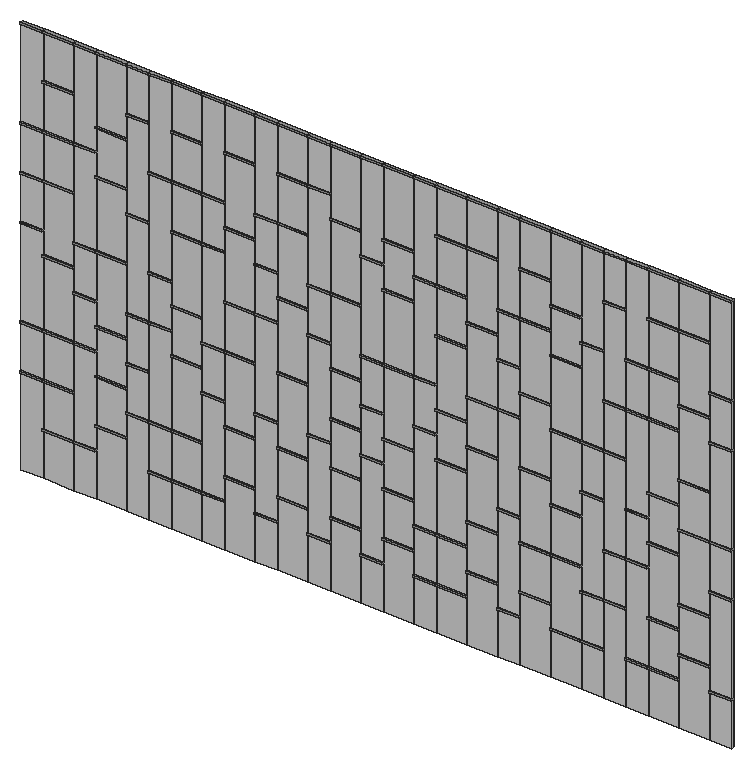
Revit family "SUR-FLD-023_GRUPPO_RFA", category Modelos genéricos, Revit 2022 (continued)
Forms (in)
  Extrusion 231, solid
    sketch origin (48.75051, -0.23622, -36.00023) x (1, 0, 0) y (0, 1, 0)
      loop
        line (6, 0) -> (6, -0.23622) -> (14.25008, -0.23622) -> (14.25008, 0) -> (6, 0)
    from 36.00017 to 53.52769
  Extrusion 232, solid
    sketch origin (48.75051, 0, -36.00023) x (1, 0, 0) y (0, 1, 0)
      loop
        line (6, 0) -> (6, -0.23622) -> (14.25008, -0.23622) -> (14.25008, 0) -> (6, 0)
    from 36.00017 to 53.52769
  Extrusion 233, solid
    sketch origin (48.75051, -0.23622, 6.47156) x (1, 0, 0) y (0, 1, 0)
      loop
        line (6, 0.23622) -> (6, -0.76378) -> (14.25008, -0.76378) -> (14.25008, 0.23622) -> (6, 0.23622)
    from 41.05559 to 41.52812
  Extrusion 234, solid
    sketch origin (48.75051, -0.47244, -0.00055) x (1, 0, 0) y (0, 1, 0)
      loop
        line (6, 0) -> (6, -0.11811) -> (14.25008, -0.11811) -> (14.25008, 0) -> (6, 0)
    from 30.00019 to 47.5277
  Extrusion 235, solid
    sketch origin (48.75051, -0.23622, -6.00053) x (1, 0, 0) y (0, 1, 0)
      loop
        line (6, 0) -> (6, -0.23622) -> (14.25008, -0.23622) -> (14.25008, 0) -> (6, 0)
    from 36.00017 to 53.52769
  Extrusion 236, solid
    sketch origin (48.75051, 0, -6.00053) x (1, 0, 0) y (0, 1, 0)
      loop
        line (6, 0) -> (6, -0.23622) -> (14.25008, -0.23622) -> (14.25008, 0) -> (6, 0)
    from 36.00017 to 53.52769
  Extrusion 237, solid
    sketch origin (48.75051, -0.23622, 36.47126) x (1, 0, 0) y (0, 1, 0)
      loop
        line (6, 0.23622) -> (6, -0.76378) -> (14.25008, -0.76378) -> (14.25008, 0.23622) -> (6, 0.23622)
    from 41.05559 to 41.52812
  Extrusion 238, solid
    sketch origin (48.75051, -0.47244, 29.99915) x (1, 0, 0) y (0, 1, 0)
      loop
        line (6, 0) -> (6, -0.11811) -> (14.25008, -0.11811) -> (14.25008, 0) -> (6, 0)
    from 30.00019 to 47.5277
  Extrusion 239, solid
    sketch origin (48.75051, -0.23622, 23.99916) x (1, 0, 0) y (0, 1, 0)
      loop
        line (6, 0) -> (6, -0.23622) -> (14.25008, -0.23622) -> (14.25008, 0) -> (6, 0)
    from 36.00017 to 53.52769
  Extrusion 240, solid
    sketch origin (48.75051, 0, 23.99916) x (1, 0, 0) y (0, 1, 0)
      loop
        line (6, 0) -> (6, -0.23622) -> (14.25008, -0.23622) -> (14.25008, 0) -> (6, 0)
    from 36.00017 to 53.52769
  Extrusion 241, solid
    sketch origin (48.75051, -0.23622, 54.4713) x (1, 0, 0) y (0, 1, 0)
      loop
        line (6, 0.23622) -> (6, -0.76378) -> (14.25008, -0.76378) -> (14.25008, 0.23622) -> (6, 0.23622)
    from 41.05559 to 41.52812
  Extrusion 242, solid
    sketch origin (48.75051, -0.47244, 47.99919) x (1, 0, 0) y (0, 1, 0)
      loop
        line (6, 0) -> (6, -0.11811) -> (14.25008, -0.11811) -> (14.25008, 0) -> (6, 0)
    from 30.00019 to 47.5277
  Extrusion 243, solid
    sketch origin (48.75051, -0.23622, 41.99921) x (1, 0, 0) y (0, 1, 0)
      loop
        line (6, 0) -> (6, -0.23622) -> (14.25008, -0.23622) -> (14.25008, 0) -> (6, 0)
    from 36.00017 to 53.52769
  Extrusion 244, solid
    sketch origin (48.75051, 0, 41.99921) x (1, 0, 0) y (0, 1, 0)
      loop
        line (6, 0) -> (6, -0.23622) -> (14.25008, -0.23622) -> (14.25008, 0) -> (6, 0)
    from 36.00017 to 53.52769
  Extrusion 245, solid
    sketch origin (48.75051, -0.47244, -0.00043) x (1, 0, 0) y (0, 1, 0)
      loop
        line (6, 0) -> (6, -0.11811) -> (14.25008, -0.11811) -> (14.25008, 0) -> (6, 0)
    from 18.00042 to 29.52798
  Extrusion 246, solid
    sketch origin (48.75051, -0.23622, -6.00041) x (1, 0, 0) y (0, 1, 0)
      loop
        line (6, 0) -> (6, -0.23622) -> (14.25008, -0.23622) -> (14.25008, 0) -> (6, 0)
    from 24.0004 to 35.52797
  Extrusion 247, solid
    sketch origin (48.75051, 0, -6.00041) x (1, 0, 0) y (0, 1, 0)
      loop
        line (6, 0) -> (6, -0.23622) -> (14.25008, -0.23622) -> (14.25008, 0) -> (6, 0)
    from 24.0004 to 35.52797
  Extrusion 248, solid
    sketch origin (48.75051, -0.23622, 6.47168) x (1, 0, 0) y (0, 1, 0)
      loop
        line (6, 0.23622) -> (6, -0.76378) -> (14.25008, -0.76378) -> (14.25008, 0.23622) -> (6, 0.23622)
    from 23.05588 to 23.52796
  Extrusion 249, solid
    sketch origin (48.75051, -0.47244, 29.99926) x (1, 0, 0) y (0, 1, 0)
      loop
        line (6, 0) -> (6, -0.11811) -> (14.25008, -0.11811) -> (14.25008, 0) -> (6, 0)
    from 18.00042 to 29.52798
  Extrusion 250, solid
    sketch origin (48.75051, -0.23622, 23.99928) x (1, 0, 0) y (0, 1, 0)
      loop
        line (6, 0) -> (6, -0.23622) -> (14.25008, -0.23622) -> (14.25008, 0) -> (6, 0)
    from 24.0004 to 35.52797
  Extrusion 251, solid
    sketch origin (48.75051, 0, 23.99928) x (1, 0, 0) y (0, 1, 0)
      loop
        line (6, 0) -> (6, -0.23622) -> (14.25008, -0.23622) -> (14.25008, 0) -> (6, 0)
    from 24.0004 to 35.52797
  Extrusion 252, solid
    sketch origin (48.75051, -0.23622, 36.47138) x (1, 0, 0) y (0, 1, 0)
      loop
        line (6, 0.23622) -> (6, -0.76378) -> (14.25008, -0.76378) -> (14.25008, 0.23622) -> (6, 0.23622)
    from 23.05588 to 23.52796
  Extrusion 253, solid
    sketch origin (48.75051, -0.47244, 77.99901) x (1, 0, 0) y (0, 1, 0)
      loop
        line (6, 0) -> (6, -0.11811) -> (14.25008, -0.11811) -> (14.25008, 0) -> (6, 0)
    from 18.00042 to 29.52798
  Extrusion 254, solid
    sketch origin (48.75051, -0.23622, 71.99903) x (1, 0, 0) y (0, 1, 0)
      loop
        line (6, 0) -> (6, -0.23622) -> (14.25008, -0.23622) -> (14.25008, 0) -> (6, 0)
    from 24.0004 to 35.52797
  Extrusion 255, solid
    sketch origin (48.75051, 0, 71.99903) x (1, 0, 0) y (0, 1, 0)
      loop
        line (6, 0) -> (6, -0.23622) -> (14.25008, -0.23622) -> (14.25008, 0) -> (6, 0)
    from 24.0004 to 35.52797
  Extrusion 256, solid
    sketch origin (48.75051, -0.23622, 84.47112) x (1, 0, 0) y (0, 1, 0)
      loop
        line (6, 0.23622) -> (6, -0.76378) -> (14.25008, -0.76378) -> (14.25008, 0.23622) -> (6, 0.23622)
    from 23.05588 to 23.52796
  Extrusion 257, solid
    sketch origin (63.00058, 0, -24.0004) x (1, 0, 0) y (0, 1, 0)
      loop
        line (0, 0) -> (0, -0.23622) -> (6.00006, -0.23622) -> (6.00006, 0) -> (0, 0)
    from 24.0004 to 35.52797
  Extrusion 258, solid
    sketch origin (63.00058, -0.23622, -24.0004) x (1, 0, 0) y (0, 1, 0)
      loop
        line (0, 0) -> (0, -0.23622) -> (6.00006, -0.23622) -> (6.00006, 0) -> (0, 0)
    from 24.0004 to 35.52797
  Extrusion 259, solid
    sketch origin (63.00058, -0.23622, -11.5283) x (1, 0, 0) y (0, 1, 0)
      loop
        line (0, 0.23622) -> (0, -0.76378) -> (6.00006, -0.76378) -> (6.00006, 0.23622) -> (0, 0.23622)
    from 23.05588 to 23.52796
  Extrusion 260, solid
    sketch origin (63.00058, -0.47244, -18.00042) x (1, 0, 0) y (0, 1, 0)
      loop
        line (0, 0) -> (0, -0.11811) -> (6.00006, -0.11811) -> (6.00006, 0) -> (0, 0)
    from 18.00042 to 29.52798
  Extrusion 261, solid
    sketch origin (63.00058, 0, 11.99965) x (1, 0, 0) y (0, 1, 0)
      loop
        line (0, 0) -> (0, -0.23622) -> (6.00006, -0.23622) -> (6.00006, 0) -> (0, 0)
    from 0 to 23.52796
  Extrusion 262, solid
    sketch origin (63.00058, -0.23622, 11.99965) x (1, 0, 0) y (0, 1, 0)
      loop
        line (0, 0) -> (0, -0.23622) -> (6.00006, -0.23622) -> (6.00006, 0) -> (0, 0)
    from 0 to 23.52796
  Extrusion 263, solid
    sketch origin (63.00058, -0.47244, 11.99965) x (1, 0, 0) y (0, 1, 0)
      loop
        line (0, 0) -> (0, -0.11811) -> (6.00006, -0.11811) -> (6.00006, 0) -> (0, 0)
    from 0 to 23.52796
  Extrusion 264, solid
    sketch origin (63.00058, -0.23622, 12.47174) x (1, 0, 0) y (0, 1, 0)
      loop
        line (0, 0.23622) -> (0, -0.76378) -> (6.00006, -0.76378) -> (6.00006, 0.23622) -> (0, 0.23622)
    from 23.05588 to 23.52796
  Extrusion 265, solid
    sketch origin (63.00058, 0, 35.99969) x (1, 0, 0) y (0, 1, 0)
      loop
        line (0, 0) -> (0, -0.23622) -> (6.00006, -0.23622) -> (6.00006, 0) -> (0, 0)
    from 0 to 23.52796
  Extrusion 266, solid
    sketch origin (63.00058, -0.23622, 35.99969) x (1, 0, 0) y (0, 1, 0)
      loop
        line (0, 0) -> (0, -0.23622) -> (6.00006, -0.23622) -> (6.00006, 0) -> (0, 0)
    from 0 to 23.52796
  Extrusion 267, solid
    sketch origin (63.00058, -0.47244, 35.99969) x (1, 0, 0) y (0, 1, 0)
      loop
        line (0, 0) -> (0, -0.11811) -> (6.00006, -0.11811) -> (6.00006, 0) -> (0, 0)
    from 0 to 23.52796
  Extrusion 268, solid
    sketch origin (63.00058, -0.23622, 36.47177) x (1, 0, 0) y (0, 1, 0)
      loop
        line (0, 0.23622) -> (0, -0.76378) -> (6.00006, -0.76378) -> (6.00006, 0.23622) -> (0, 0.23622)
    from 23.05588 to 23.52796
  Extrusion 269, solid
    sketch origin (63.00058, 0, 83.99904) x (1, 0, 0) y (0, 1, 0)
      loop
        line (0, 0) -> (0, -0.23622) -> (6.00006, -0.23622) -> (6.00006, 0) -> (0, 0)
    from 0 to 23.52796
  Extrusion 270, solid
    sketch origin (63.00058, -0.23622, 83.99904) x (1, 0, 0) y (0, 1, 0)
      loop
        line (0, 0) -> (0, -0.23622) -> (6.00006, -0.23622) -> (6.00006, 0) -> (0, 0)
    from 0 to 23.52796
  Extrusion 271, solid
    sketch origin (63.00058, -0.47244, 83.99904) x (1, 0, 0) y (0, 1, 0)
      loop
        line (0, 0) -> (0, -0.11811) -> (6.00006, -0.11811) -> (6.00006, 0) -> (0, 0)
    from 0 to 23.52796
  Extrusion 272, solid
    sketch origin (63.00058, -0.23622, 84.47112) x (1, 0, 0) y (0, 1, 0)
      loop
        line (0, 0.23622) -> (0, -0.76378) -> (6.00006, -0.76378) -> (6.00006, 0.23622) -> (0, 0.23622)
    from 23.05588 to 23.52796
  Extrusion 273, solid
    sketch origin (63.00058, 0, 47.99899) x (1, 0, 0) y (0, 1, 0)
      loop
        line (0, 0) -> (0, -0.23622) -> (6.00006, -0.23622) -> (6.00006, 0) -> (0, 0)
    from 24.0004 to 35.52797
  Extrusion 274, solid
    sketch origin (63.00058, -0.23622, 47.99899) x (1, 0, 0) y (0, 1, 0)
      loop
        line (0, 0) -> (0, -0.23622) -> (6.00006, -0.23622) -> (6.00006, 0) -> (0, 0)
    from 24.0004 to 35.52797
  Extrusion 275, solid
    sketch origin (63.00058, -0.23622, 60.47108) x (1, 0, 0) y (0, 1, 0)
      loop
        line (0, 0.23622) -> (0, -0.76378) -> (6.00006, -0.76378) -> (6.00006, 0.23622) -> (0, 0.23622)
    from 23.05588 to 23.52796
  Extrusion 276, solid
    sketch origin (63.00058, -0.47244, 53.99897) x (1, 0, 0) y (0, 1, 0)
      loop
        line (0, 0) -> (0, -0.11811) -> (6.00006, -0.11811) -> (6.00006, 0) -> (0, 0)
    from 18.00042 to 29.52798
  Extrusion 277, solid
    sketch origin (63.00058, 0, 35.99933) x (1, 0, 0) y (0, 1, 0)
      loop
        line (0, 0) -> (0, -0.23622) -> (6.00006, -0.23622) -> (6.00006, 0) -> (0, 0)
    from 24.0004 to 35.52797
  Extrusion 278, solid
    sketch origin (63.00058, -0.23622, 35.99933) x (1, 0, 0) y (0, 1, 0)
      loop
        line (0, 0) -> (0, -0.23622) -> (6.00006, -0.23622) -> (6.00006, 0) -> (0, 0)
    from 24.0004 to 35.52797
  Extrusion 279, solid
    sketch origin (63.00058, -0.23622, 48.47143) x (1, 0, 0) y (0, 1, 0)
      loop
        line (0, 0.23622) -> (0, -0.76378) -> (6.00006, -0.76378) -> (6.00006, 0.23622) -> (0, 0.23622)
    from 23.05588 to 23.52796
  Extrusion 280, solid
    sketch origin (63.00058, -0.47244, 41.99931) x (1, 0, 0) y (0, 1, 0)
      loop
        line (0, 0) -> (0, -0.11811) -> (6.00006, -0.11811) -> (6.00006, 0) -> (0, 0)
    from 18.00042 to 29.52798
  Extrusion 281, solid
    sketch origin (63.00064, -0.23622, -23.52814) x (1, 0, 0) y (0, 1, 0)
      loop
        line (6, 0.23622) -> (6, -0.76378) -> (14.25008, -0.76378) -> (14.25008, 0.23622) -> (6, 0.23622)
    from 41.05559 to 41.52812
  Extrusion 282, solid
    sketch origin (63.00064, -0.47244, -30.00025) x (1, 0, 0) y (0, 1, 0)
      loop
        line (6, 0) -> (6, -0.11811) -> (14.25008, -0.11811) -> (14.25008, 0) -> (6, 0)
    from 30.00019 to 47.5277
  Extrusion 283, solid
    sketch origin (63.00064, -0.23622, -36.00023) x (1, 0, 0) y (0, 1, 0)
      loop
        line (6, 0) -> (6, -0.23622) -> (14.25008, -0.23622) -> (14.25008, 0) -> (6, 0)
    from 36.00017 to 53.52769
  Extrusion 284, solid
    sketch origin (63.00064, 0, -36.00023) x (1, 0, 0) y (0, 1, 0)
      loop
        line (6, 0) -> (6, -0.23622) -> (14.25008, -0.23622) -> (14.25008, 0) -> (6, 0)
    from 36.00017 to 53.52769
  Extrusion 285, solid
    sketch origin (63.00064, -0.23622, 6.47156) x (1, 0, 0) y (0, 1, 0)
      loop
        line (6, 0.23622) -> (6, -0.76378) -> (14.25008, -0.76378) -> (14.25008, 0.23622) -> (6, 0.23622)
    from 41.05559 to 41.52812
  Extrusion 286, solid
    sketch origin (63.00064, -0.47244, -0.00055) x (1, 0, 0) y (0, 1, 0)
      loop
        line (6, 0) -> (6, -0.11811) -> (14.25008, -0.11811) -> (14.25008, 0) -> (6, 0)
    from 30.00019 to 47.5277
  Extrusion 287, solid
    sketch origin (63.00064, -0.23622, -6.00053) x (1, 0, 0) y (0, 1, 0)
      loop
        line (6, 0) -> (6, -0.23622) -> (14.25008, -0.23622) -> (14.25008, 0) -> (6, 0)
    from 36.00017 to 53.52769
  Extrusion 288, solid
    sketch origin (63.00064, 0, -6.00053) x (1, 0, 0) y (0, 1, 0)
      loop
        line (6, 0) -> (6, -0.23622) -> (14.25008, -0.23622) -> (14.25008, 0) -> (6, 0)
    from 36.00017 to 53.52769
  Extrusion 289, solid
    sketch origin (63.00064, -0.23622, 24.47161) x (1, 0, 0) y (0, 1, 0)
      loop
        line (6, 0.23622) -> (6, -0.76378) -> (14.25008, -0.76378) -> (14.25008, 0.23622) -> (6, 0.23622)
    from 41.05559 to 41.52812
  Extrusion 290, solid
    sketch origin (63.00064, -0.47244, 17.99949) x (1, 0, 0) y (0, 1, 0)
      loop
        line (6, 0) -> (6, -0.11811) -> (14.25008, -0.11811) -> (14.25008, 0) -> (6, 0)
    from 30.00019 to 47.5277
  Extrusion 291, solid
    sketch origin (63.00064, -0.23622, 11.99951) x (1, 0, 0) y (0, 1, 0)
      loop
        line (6, 0) -> (6, -0.23622) -> (14.25008, -0.23622) -> (14.25008, 0) -> (6, 0)
    from 36.00017 to 53.52769
  Extrusion 292, solid
    sketch origin (63.00064, 0, 11.99951) x (1, 0, 0) y (0, 1, 0)
      loop
        line (6, 0) -> (6, -0.23622) -> (14.25008, -0.23622) -> (14.25008, 0) -> (6, 0)
    from 36.00017 to 53.52769
  Extrusion 293, solid
    sketch origin (63.00064, -0.23622, 42.47165) x (1, 0, 0) y (0, 1, 0)
      loop
        line (6, 0.23622) -> (6, -0.76378) -> (14.25008, -0.76378) -> (14.25008, 0.23622) -> (6, 0.23622)
    from 41.05559 to 41.52812
  Extrusion 294, solid
    sketch origin (63.00064, -0.47244, 35.99953) x (1, 0, 0) y (0, 1, 0)
      loop
        line (6, 0) -> (6, -0.11811) -> (14.25008, -0.11811) -> (14.25008, 0) -> (6, 0)
    from 30.00019 to 47.5277
  Extrusion 295, solid
    sketch origin (63.00064, -0.23622, 29.99955) x (1, 0, 0) y (0, 1, 0)
      loop
        line (6, 0) -> (6, -0.23622) -> (14.25008, -0.23622) -> (14.25008, 0) -> (6, 0)
    from 36.00017 to 53.52769
  Extrusion 296, solid
    sketch origin (63.00064, 0, 29.99955) x (1, 0, 0) y (0, 1, 0)
      loop
        line (6, 0) -> (6, -0.23622) -> (14.25008, -0.23622) -> (14.25008, 0) -> (6, 0)
    from 36.00017 to 53.52769
  Extrusion 297, solid
    sketch origin (63.00064, -0.47244, -0.00043) x (1, 0, 0) y (0, 1, 0)
      loop
        line (6, 0) -> (6, -0.11811) -> (14.25008, -0.11811) -> (14.25008, 0) -> (6, 0)
    from 18.00042 to 29.52798
  Extrusion 298, solid
    sketch origin (63.00064, -0.23622, -6.00041) x (1, 0, 0) y (0, 1, 0)
      loop
        line (6, 0) -> (6, -0.23622) -> (14.25008, -0.23622) -> (14.25008, 0) -> (6, 0)
    from 24.0004 to 35.52797
  Extrusion 299, solid
    sketch origin (63.00064, 0, -6.00041) x (1, 0, 0) y (0, 1, 0)
      loop
        line (6, 0) -> (6, -0.23622) -> (14.25008, -0.23622) -> (14.25008, 0) -> (6, 0)
    from 24.0004 to 35.52797
  Extrusion 300, solid
    sketch origin (63.00064, -0.23622, 6.47168) x (1, 0, 0) y (0, 1, 0)
      loop
        line (6, 0.23622) -> (6, -0.76378) -> (14.25008, -0.76378) -> (14.25008, 0.23622) -> (6, 0.23622)
    from 23.05588 to 23.52796
  Extrusion 301, solid
    sketch origin (63.00064, -0.47244, 65.99935) x (1, 0, 0) y (0, 1, 0)
      loop
        line (6, 0) -> (6, -0.11811) -> (14.25008, -0.11811) -> (14.25008, 0) -> (6, 0)
    from 18.00042 to 29.52798
  Extrusion 302, solid
    sketch origin (63.00064, -0.23622, 59.99937) x (1, 0, 0) y (0, 1, 0)
      loop
        line (6, 0) -> (6, -0.23622) -> (14.25008, -0.23622) -> (14.25008, 0) -> (6, 0)
    from 24.0004 to 35.52797
  Extrusion 303, solid
    sketch origin (63.00064, 0, 59.99937) x (1, 0, 0) y (0, 1, 0)
      loop
        line (6, 0) -> (6, -0.23622) -> (14.25008, -0.23622) -> (14.25008, 0) -> (6, 0)
    from 24.0004 to 35.52797
  Extrusion 304, solid
    sketch origin (63.00064, -0.23622, 72.47147) x (1, 0, 0) y (0, 1, 0)
      loop
        line (6, 0.23622) -> (6, -0.76378) -> (14.25008, -0.76378) -> (14.25008, 0.23622) -> (6, 0.23622)
    from 23.05588 to 23.52796
  Extrusion 305, solid
    sketch origin (63.00064, -0.47244, 77.99901) x (1, 0, 0) y (0, 1, 0)
      loop
        line (6, 0) -> (6, -0.11811) -> (14.25008, -0.11811) -> (14.25008, 0) -> (6, 0)
    from 18.00042 to 29.52798
  Extrusion 306, solid
    sketch origin (63.00064, -0.23622, 71.99903) x (1, 0, 0) y (0, 1, 0)
      loop
        line (6, 0) -> (6, -0.23622) -> (14.25008, -0.23622) -> (14.25008, 0) -> (6, 0)
    from 24.0004 to 35.52797
  Extrusion 307, solid
    sketch origin (63.00064, 0, 71.99903) x (1, 0, 0) y (0, 1, 0)
      loop
        line (6, 0) -> (6, -0.23622) -> (14.25008, -0.23622) -> (14.25008, 0) -> (6, 0)
    from 24.0004 to 35.52797
  Extrusion 308, solid
    sketch origin (63.00064, -0.23622, 84.47112) x (1, 0, 0) y (0, 1, 0)
      loop
        line (6, 0.23622) -> (6, -0.76378) -> (14.25008, -0.76378) -> (14.25008, 0.23622) -> (6, 0.23622)
    from 23.05588 to 23.52796
  Extrusion 309, solid
    sketch origin (77.25072, 0, -24.0004) x (1, 0, 0) y (0, 1, 0)
      loop
        line (0, 0) -> (0, -0.23622) -> (6.00006, -0.23622) -> (6.00006, 0) -> (0, 0)
    from 24.0004 to 35.52797
  Extrusion 310, solid
    sketch origin (77.25072, -0.23622, -24.0004) x (1, 0, 0) y (0, 1, 0)
      loop
        line (0, 0) -> (0, -0.23622) -> (6.00006, -0.23622) -> (6.00006, 0) -> (0, 0)
    from 24.0004 to 35.52797
  Extrusion 311, solid
    sketch origin (77.25072, -0.23622, -11.5283) x (1, 0, 0) y (0, 1, 0)
      loop
        line (0, 0.23622) -> (0, -0.76378) -> (6.00006, -0.76378) -> (6.00006, 0.23622) -> (0, 0.23622)
    from 23.05588 to 23.52796
  Extrusion 312, solid
    sketch origin (77.25072, -0.47244, -18.00042) x (1, 0, 0) y (0, 1, 0)
      loop
        line (0, 0) -> (0, -0.11811) -> (6.00006, -0.11811) -> (6.00006, 0) -> (0, 0)
    from 18.00042 to 29.52798
  Extrusion 313, solid
    sketch origin (77.25072, 0, 11.99965) x (1, 0, 0) y (0, 1, 0)
      loop
        line (0, 0) -> (0, -0.23622) -> (6.00006, -0.23622) -> (6.00006, 0) -> (0, 0)
    from 0 to 23.52796
  Extrusion 314, solid
    sketch origin (77.25072, -0.23622, 11.99965) x (1, 0, 0) y (0, 1, 0)
      loop
        line (0, 0) -> (0, -0.23622) -> (6.00006, -0.23622) -> (6.00006, 0) -> (0, 0)
    from 0 to 23.52796
  Extrusion 315, solid
    sketch origin (77.25072, -0.47244, 11.99965) x (1, 0, 0) y (0, 1, 0)
      loop
        line (0, 0) -> (0, -0.11811) -> (6.00006, -0.11811) -> (6.00006, 0) -> (0, 0)
    from 0 to 23.52796
  Extrusion 316, solid
    sketch origin (77.25072, -0.23622, 12.47174) x (1, 0, 0) y (0, 1, 0)
      loop
        line (0, 0.23622) -> (0, -0.76378) -> (6.00006, -0.76378) -> (6.00006, 0.23622) -> (0, 0.23622)
    from 23.05588 to 23.52796
  Extrusion 317, solid
    sketch origin (77.25072, 0, 35.99969) x (1, 0, 0) y (0, 1, 0)
      loop
        line (0, 0) -> (0, -0.23622) -> (6.00006, -0.23622) -> (6.00006, 0) -> (0, 0)
    from 0 to 23.52796
  Extrusion 318, solid
    sketch origin (77.25072, -0.23622, 35.99969) x (1, 0, 0) y (0, 1, 0)
      loop
        line (0, 0) -> (0, -0.23622) -> (6.00006, -0.23622) -> (6.00006, 0) -> (0, 0)
    from 0 to 23.52796
  Extrusion 319, solid
    sketch origin (77.25072, -0.47244, 35.99969) x (1, 0, 0) y (0, 1, 0)
      loop
        line (0, 0) -> (0, -0.11811) -> (6.00006, -0.11811) -> (6.00006, 0) -> (0, 0)
    from 0 to 23.52796
  Extrusion 320, solid
    sketch origin (77.25072, -0.23622, 36.47177) x (1, 0, 0) y (0, 1, 0)
      loop
        line (0, 0.23622) -> (0, -0.76378) -> (6.00006, -0.76378) -> (6.00006, 0.23622) -> (0, 0.23622)
    from 23.05588 to 23.52796
  Extrusion 321, solid
    sketch origin (77.25072, 0, 35.99933) x (1, 0, 0) y (0, 1, 0)
      loop
        line (0, 0) -> (0, -0.23622) -> (6.00006, -0.23622) -> (6.00006, 0) -> (0, 0)
    from 24.0004 to 35.52797
  Extrusion 322, solid
    sketch origin (77.25072, -0.23622, 35.99933) x (1, 0, 0) y (0, 1, 0)
      loop
        line (0, 0) -> (0, -0.23622) -> (6.00006, -0.23622) -> (6.00006, 0) -> (0, 0)
    from 24.0004 to 35.52797
  Extrusion 323, solid
    sketch origin (77.25072, -0.23622, 48.47143) x (1, 0, 0) y (0, 1, 0)
      loop
        line (0, 0.23622) -> (0, -0.76378) -> (6.00006, -0.76378) -> (6.00006, 0.23622) -> (0, 0.23622)
    from 23.05588 to 23.52796
  Extrusion 324, solid
    sketch origin (77.25072, -0.47244, 41.99931) x (1, 0, 0) y (0, 1, 0)
      loop
        line (0, 0) -> (0, -0.11811) -> (6.00006, -0.11811) -> (6.00006, 0) -> (0, 0)
    from 18.00042 to 29.52798
  Extrusion 325, solid
    sketch origin (77.25072, 0, 71.99939) x (1, 0, 0) y (0, 1, 0)
      loop
        line (0, 0) -> (0, -0.23622) -> (6.00006, -0.23622) -> (6.00006, 0) -> (0, 0)
    from 0 to 23.52796
  Extrusion 326, solid
    sketch origin (77.25072, -0.23622, 71.99939) x (1, 0, 0) y (0, 1, 0)
      loop
        line (0, 0) -> (0, -0.23622) -> (6.00006, -0.23622) -> (6.00006, 0) -> (0, 0)
    from 0 to 23.52796
  Extrusion 327, solid
    sketch origin (77.25072, -0.47244, 71.99939) x (1, 0, 0) y (0, 1, 0)
      loop
        line (0, 0) -> (0, -0.11811) -> (6.00006, -0.11811) -> (6.00006, 0) -> (0, 0)
    from 0 to 23.52796
  Extrusion 328, solid
    sketch origin (77.25072, -0.23622, 72.47147) x (1, 0, 0) y (0, 1, 0)
      loop
        line (0, 0.23622) -> (0, -0.76378) -> (6.00006, -0.76378) -> (6.00006, 0.23622) -> (0, 0.23622)
    from 23.05588 to 23.52796
  Extrusion 329, solid
    sketch origin (77.25072, 0, 71.99903) x (1, 0, 0) y (0, 1, 0)
      loop
        line (0, 0) -> (0, -0.23622) -> (6.00006, -0.23622) -> (6.00006, 0) -> (0, 0)
    from 24.0004 to 35.52797
  Extrusion 330, solid
    sketch origin (77.25072, -0.23622, 71.99903) x (1, 0, 0) y (0, 1, 0)
      loop
        line (0, 0) -> (0, -0.23622) -> (6.00006, -0.23622) -> (6.00006, 0) -> (0, 0)
    from 24.0004 to 35.52797
  Extrusion 331, solid
    sketch origin (77.25072, -0.23622, 84.47112) x (1, 0, 0) y (0, 1, 0)
      loop
        line (0, 0.23622) -> (0, -0.76378) -> (6.00006, -0.76378) -> (6.00006, 0.23622) -> (0, 0.23622)
    from 23.05588 to 23.52796
  Extrusion 332, solid
    sketch origin (77.25072, -0.47244, 77.99901) x (1, 0, 0) y (0, 1, 0)
      loop
        line (0, 0) -> (0, -0.11811) -> (6.00006, -0.11811) -> (6.00006, 0) -> (0, 0)
    from 18.00042 to 29.52798
  Extrusion 333, solid
    sketch origin (77.25077, -0.23622, -23.52814) x (1, 0, 0) y (0, 1, 0)
      loop
        line (6, 0.23622) -> (6, -0.76378) -> (14.25008, -0.76378) -> (14.25008, 0.23622) -> (6, 0.23622)
    from 41.05559 to 41.52812
  Extrusion 334, solid
    sketch origin (77.25077, -0.47244, -30.00025) x (1, 0, 0) y (0, 1, 0)
      loop
        line (6, 0) -> (6, -0.11811) -> (14.25008, -0.11811) -> (14.25008, 0) -> (6, 0)
    from 30.00019 to 47.5277
  Extrusion 335, solid
    sketch origin (77.25077, -0.23622, -36.00023) x (1, 0, 0) y (0, 1, 0)
      loop
        line (6, 0) -> (6, -0.23622) -> (14.25008, -0.23622) -> (14.25008, 0) -> (6, 0)
    from 36.00017 to 53.52769
  Extrusion 336, solid
    sketch origin (77.25077, 0, -36.00023) x (1, 0, 0) y (0, 1, 0)
      loop
        line (6, 0) -> (6, -0.23622) -> (14.25008, -0.23622) -> (14.25008, 0) -> (6, 0)
    from 36.00017 to 53.52769
  Extrusion 337, solid
    sketch origin (77.25077, -0.47244, -0.00043) x (1, 0, 0) y (0, 1, 0)
      loop
        line (6, 0) -> (6, -0.11811) -> (14.25008, -0.11811) -> (14.25008, 0) -> (6, 0)
    from 18.00042 to 29.52798
  Extrusion 338, solid
    sketch origin (77.25077, -0.23622, -6.00041) x (1, 0, 0) y (0, 1, 0)
      loop
        line (6, 0) -> (6, -0.23622) -> (14.25008, -0.23622) -> (14.25008, 0) -> (6, 0)
    from 24.0004 to 35.52797
  Extrusion 339, solid
    sketch origin (77.25077, 0, -6.00041) x (1, 0, 0) y (0, 1, 0)
      loop
        line (6, 0) -> (6, -0.23622) -> (14.25008, -0.23622) -> (14.25008, 0) -> (6, 0)
    from 24.0004 to 35.52797
  Extrusion 340, solid
    sketch origin (77.25077, -0.23622, 6.47168) x (1, 0, 0) y (0, 1, 0)
      loop
        line (6, 0.23622) -> (6, -0.76378) -> (14.25008, -0.76378) -> (14.25008, 0.23622) -> (6, 0.23622)
    from 23.05588 to 23.52796
  Extrusion 341, solid
    sketch origin (77.25077, -0.47244, 11.99922) x (1, 0, 0) y (0, 1, 0)
      loop
        line (6, 0) -> (6, -0.11811) -> (14.25008, -0.11811) -> (14.25008, 0) -> (6, 0)
    from 18.00042 to 29.52798
  Extrusion 342, solid
    sketch origin (77.25077, -0.23622, 5.99924) x (1, 0, 0) y (0, 1, 0)
      loop
        line (6, 0) -> (6, -0.23622) -> (14.25008, -0.23622) -> (14.25008, 0) -> (6, 0)
    from 24.0004 to 35.52797
  Extrusion 343, solid
    sketch origin (77.25077, 0, 5.99924) x (1, 0, 0) y (0, 1, 0)
      loop
        line (6, 0) -> (6, -0.23622) -> (14.25008, -0.23622) -> (14.25008, 0) -> (6, 0)
    from 24.0004 to 35.52797
  Extrusion 344, solid
    sketch origin (77.25077, -0.23622, 18.47134) x (1, 0, 0) y (0, 1, 0)
      loop
        line (6, 0.23622) -> (6, -0.76378) -> (14.25008, -0.76378) -> (14.25008, 0.23622) -> (6, 0.23622)
    from 23.05588 to 23.52796
  Extrusion 345, solid
    sketch origin (77.25077, -0.47244, 23.99888) x (1, 0, 0) y (0, 1, 0)
      loop
        line (6, 0) -> (6, -0.11811) -> (14.25008, -0.11811) -> (14.25008, 0) -> (6, 0)
    from 18.00042 to 29.52798
  Extrusion 346, solid
    sketch origin (77.25077, -0.23622, 17.99889) x (1, 0, 0) y (0, 1, 0)
      loop
        line (6, 0) -> (6, -0.23622) -> (14.25008, -0.23622) -> (14.25008, 0) -> (6, 0)
    from 24.0004 to 35.52797
  Extrusion 347, solid
    sketch origin (77.25077, 0, 17.99889) x (1, 0, 0) y (0, 1, 0)
      loop
        line (6, 0) -> (6, -0.23622) -> (14.25008, -0.23622) -> (14.25008, 0) -> (6, 0)
    from 24.0004 to 35.52797
  Extrusion 348, solid
    sketch origin (77.25077, -0.23622, 30.47099) x (1, 0, 0) y (0, 1, 0)
      loop
        line (6, 0.23622) -> (6, -0.76378) -> (14.25008, -0.76378) -> (14.25008, 0.23622) -> (6, 0.23622)
    from 23.05588 to 23.52796
  Extrusion 349, solid
    sketch origin (77.25077, -0.23622, 30.47087) x (1, 0, 0) y (0, 1, 0)
      loop
        line (6, 0.23622) -> (6, -0.76378) -> (14.25008, -0.76378) -> (14.25008, 0.23622) -> (6, 0.23622)
    from 41.05559 to 41.52812
  Extrusion 350, solid
    sketch origin (77.25077, -0.47244, 23.99876) x (1, 0, 0) y (0, 1, 0)
      loop
        line (6, 0) -> (6, -0.11811) -> (14.25008, -0.11811) -> (14.25008, 0) -> (6, 0)
    from 30.00019 to 47.5277
  Extrusion 351, solid
    sketch origin (77.25077, -0.23622, 17.99878) x (1, 0, 0) y (0, 1, 0)
      loop
        line (6, 0) -> (6, -0.23622) -> (14.25008, -0.23622) -> (14.25008, 0) -> (6, 0)
    from 36.00017 to 53.52769
  Extrusion 352, solid
    sketch origin (77.25077, 0, 17.99878) x (1, 0, 0) y (0, 1, 0)
      loop
        line (6, 0) -> (6, -0.23622) -> (14.25008, -0.23622) -> (14.25008, 0) -> (6, 0)
    from 36.00017 to 53.52769
  Extrusion 353, solid
    sketch origin (77.25077, -0.23622, 48.47092) x (1, 0, 0) y (0, 1, 0)
      loop
        line (6, 0.23622) -> (6, -0.76378) -> (14.25008, -0.76378) -> (14.25008, 0.23622) -> (6, 0.23622)
    from 41.05559 to 41.52812
  Extrusion 354, solid
    sketch origin (77.25077, -0.47244, 41.9988) x (1, 0, 0) y (0, 1, 0)
      loop
        line (6, 0) -> (6, -0.11811) -> (14.25008, -0.11811) -> (14.25008, 0) -> (6, 0)
    from 30.00019 to 47.5277
  Extrusion 355, solid
    sketch origin (77.25077, -0.23622, 35.99882) x (1, 0, 0) y (0, 1, 0)
      loop
        line (6, 0) -> (6, -0.23622) -> (14.25008, -0.23622) -> (14.25008, 0) -> (6, 0)
    from 36.00017 to 53.52769
  Extrusion 356, solid
    sketch origin (77.25077, 0, 35.99882) x (1, 0, 0) y (0, 1, 0)
      loop
        line (6, 0) -> (6, -0.23622) -> (14.25008, -0.23622) -> (14.25008, 0) -> (6, 0)
    from 36.00017 to 53.52769
  Extrusion 357, solid
    sketch origin (77.25077, -0.23622, 66.47096) x (1, 0, 0) y (0, 1, 0)
      loop
        line (6, 0.23622) -> (6, -0.76378) -> (14.25008, -0.76378) -> (14.25008, 0.23622) -> (6, 0.23622)
    from 41.05559 to 41.52812
  Extrusion 358, solid
    sketch origin (77.25077, -0.47244, 59.99884) x (1, 0, 0) y (0, 1, 0)
      loop
        line (6, 0) -> (6, -0.11811) -> (14.25008, -0.11811) -> (14.25008, 0) -> (6, 0)
    from 30.00019 to 47.5277
  Extrusion 359, solid
    sketch origin (77.25077, -0.23622, 53.99886) x (1, 0, 0) y (0, 1, 0)
      loop
        line (6, 0) -> (6, -0.23622) -> (14.25008, -0.23622) -> (14.25008, 0) -> (6, 0)
    from 36.00017 to 53.52769
  Extrusion 360, solid
    sketch origin (77.25077, 0, 53.99886) x (1, 0, 0) y (0, 1, 0)
      loop
        line (6, 0) -> (6, -0.23622) -> (14.25008, -0.23622) -> (14.25008, 0) -> (6, 0)
    from 36.00017 to 53.52769
  Extrusion 361, solid
    sketch origin (91.50085, 0, -24.0004) x (1, 0, 0) y (0, 1, 0)
      loop
        line (0, 0) -> (0, -0.23622) -> (6.00006, -0.23622) -> (6.00006, 0) -> (0, 0)
    from 24.0004 to 35.52797
  Extrusion 362, solid
    sketch origin (91.50085, -0.23622, -24.0004) x (1, 0, 0) y (0, 1, 0)
      loop
        line (0, 0) -> (0, -0.23622) -> (6.00006, -0.23622) -> (6.00006, 0) -> (0, 0)
    from 24.0004 to 35.52797
  Extrusion 363, solid
    sketch origin (91.50085, -0.23622, -11.5283) x (1, 0, 0) y (0, 1, 0)
      loop
        line (0, 0.23622) -> (0, -0.76378) -> (6.00006, -0.76378) -> (6.00006, 0.23622) -> (0, 0.23622)
    from 23.05588 to 23.52796
  Extrusion 364, solid
    sketch origin (91.50085, -0.47244, -18.00042) x (1, 0, 0) y (0, 1, 0)
      loop
        line (0, 0) -> (0, -0.11811) -> (6.00006, -0.11811) -> (6.00006, 0) -> (0, 0)
    from 18.00042 to 29.52798
  Extrusion 365, solid
    sketch origin (91.50085, 0, 11.99965) x (1, 0, 0) y (0, 1, 0)
      loop
        line (0, 0) -> (0, -0.23622) -> (6.00006, -0.23622) -> (6.00006, 0) -> (0, 0)
    from 0 to 23.52796
  Extrusion 366, solid
    sketch origin (91.50085, -0.23622, 11.99965) x (1, 0, 0) y (0, 1, 0)
      loop
        line (0, 0) -> (0, -0.23622) -> (6.00006, -0.23622) -> (6.00006, 0) -> (0, 0)
    from 0 to 23.52796
  Extrusion 367, solid
    sketch origin (91.50085, -0.47244, 11.99965) x (1, 0, 0) y (0, 1, 0)
      loop
        line (0, 0) -> (0, -0.11811) -> (6.00006, -0.11811) -> (6.00006, 0) -> (0, 0)
    from 0 to 23.52796
  Extrusion 368, solid
    sketch origin (91.50085, -0.23622, 12.47174) x (1, 0, 0) y (0, 1, 0)
      loop
        line (0, 0.23622) -> (0, -0.76378) -> (6.00006, -0.76378) -> (6.00006, 0.23622) -> (0, 0.23622)
    from 23.05588 to 23.52796
  Extrusion 369, solid
    sketch origin (91.50085, 0, 59.999) x (1, 0, 0) y (0, 1, 0)
      loop
        line (0, 0) -> (0, -0.23622) -> (6.00006, -0.23622) -> (6.00006, 0) -> (0, 0)
    from 0 to 23.52796
  Extrusion 370, solid
    sketch origin (91.50085, -0.23622, 59.999) x (1, 0, 0) y (0, 1, 0)
      loop
        line (0, 0) -> (0, -0.23622) -> (6.00006, -0.23622) -> (6.00006, 0) -> (0, 0)
    from 0 to 23.52796
  Extrusion 371, solid
    sketch origin (91.50085, -0.47244, 59.999) x (1, 0, 0) y (0, 1, 0)
      loop
        line (0, 0) -> (0, -0.11811) -> (6.00006, -0.11811) -> (6.00006, 0) -> (0, 0)
    from 0 to 23.52796
  Extrusion 372, solid
    sketch origin (91.50085, -0.23622, 60.47108) x (1, 0, 0) y (0, 1, 0)
      loop
        line (0, 0.23622) -> (0, -0.76378) -> (6.00006, -0.76378) -> (6.00006, 0.23622) -> (0, 0.23622)
    from 23.05588 to 23.52796
  Extrusion 373, solid
    sketch origin (91.50085, 0, 83.99904) x (1, 0, 0) y (0, 1, 0)
      loop
        line (0, 0) -> (0, -0.23622) -> (6.00006, -0.23622) -> (6.00006, 0) -> (0, 0)
    from 0 to 23.52796
  Extrusion 374, solid
    sketch origin (91.50085, -0.23622, 83.99904) x (1, 0, 0) y (0, 1, 0)
      loop
        line (0, 0) -> (0, -0.23622) -> (6.00006, -0.23622) -> (6.00006, 0) -> (0, 0)
    from 0 to 23.52796
  Extrusion 375, solid
    sketch origin (91.50085, -0.47244, 83.99904) x (1, 0, 0) y (0, 1, 0)
      loop
        line (0, 0) -> (0, -0.11811) -> (6.00006, -0.11811) -> (6.00006, 0) -> (0, 0)
    from 0 to 23.52796
  Extrusion 376, solid
    sketch origin (91.50085, -0.23622, 84.47112) x (1, 0, 0) y (0, 1, 0)
      loop
        line (0, 0.23622) -> (0, -0.76378) -> (6.00006, -0.76378) -> (6.00006, 0.23622) -> (0, 0.23622)
    from 23.05588 to 23.52796
  Extrusion 377, solid
    sketch origin (91.50085, 0, 11.99929) x (1, 0, 0) y (0, 1, 0)
      loop
        line (0, 0) -> (0, -0.23622) -> (6.00006, -0.23622) -> (6.00006, 0) -> (0, 0)
    from 24.0004 to 35.52797
  Extrusion 378, solid
    sketch origin (91.50085, -0.23622, 11.99929) x (1, 0, 0) y (0, 1, 0)
      loop
        line (0, 0) -> (0, -0.23622) -> (6.00006, -0.23622) -> (6.00006, 0) -> (0, 0)
    from 24.0004 to 35.52797
  Extrusion 379, solid
    sketch origin (91.50085, -0.23622, 24.47139) x (1, 0, 0) y (0, 1, 0)
      loop
        line (0, 0.23622) -> (0, -0.76378) -> (6.00006, -0.76378) -> (6.00006, 0.23622) -> (0, 0.23622)
    from 23.05588 to 23.52796
  Extrusion 380, solid
    sketch origin (91.50085, -0.47244, 17.99928) x (1, 0, 0) y (0, 1, 0)
      loop
        line (0, 0) -> (0, -0.11811) -> (6.00006, -0.11811) -> (6.00006, 0) -> (0, 0)
    from 18.00042 to 29.52798
  Extrusion 381, solid
    sketch origin (91.50085, 0, 23.99895) x (1, 0, 0) y (0, 1, 0)
      loop
        line (0, 0) -> (0, -0.23622) -> (6.00006, -0.23622) -> (6.00006, 0) -> (0, 0)
    from 24.0004 to 35.52797
  Extrusion 382, solid
    sketch origin (91.50085, -0.23622, 23.99895) x (1, 0, 0) y (0, 1, 0)
      loop
        line (0, 0) -> (0, -0.23622) -> (6.00006, -0.23622) -> (6.00006, 0) -> (0, 0)
    from 24.0004 to 35.52797
  Extrusion 383, solid
    sketch origin (91.50085, -0.23622, 36.47104) x (1, 0, 0) y (0, 1, 0)
      loop
        line (0, 0.23622) -> (0, -0.76378) -> (6.00006, -0.76378) -> (6.00006, 0.23622) -> (0, 0.23622)
    from 23.05588 to 23.52796
  Extrusion 384, solid
    sketch origin (91.50085, -0.47244, 29.99893) x (1, 0, 0) y (0, 1, 0)
      loop
        line (0, 0) -> (0, -0.11811) -> (6.00006, -0.11811) -> (6.00006, 0) -> (0, 0)
    from 18.00042 to 29.52798
  Extrusion 385, solid
    sketch origin (91.50091, -0.23622, 66.47096) x (1, 0, 0) y (0, 1, 0)
      loop
        line (6, 0.23622) -> (6, -0.76378) -> (14.25008, -0.76378) -> (14.25008, 0.23622) -> (6, 0.23622)
    from 41.05559 to 41.52812
  Extrusion 386, solid
    sketch origin (91.50091, -0.47244, 59.99884) x (1, 0, 0) y (0, 1, 0)
      loop
        line (6, 0) -> (6, -0.11811) -> (14.25008, -0.11811) -> (14.25008, 0) -> (6, 0)
    from 30.00019 to 47.5277
  Extrusion 387, solid
    sketch origin (91.50091, -0.23622, 53.99886) x (1, 0, 0) y (0, 1, 0)
      loop
        line (6, 0) -> (6, -0.23622) -> (14.25008, -0.23622) -> (14.25008, 0) -> (6, 0)
    from 36.00017 to 53.52769
  Extrusion 388, solid
    sketch origin (91.50091, 0, 53.99886) x (1, 0, 0) y (0, 1, 0)
      loop
        line (6, 0) -> (6, -0.23622) -> (14.25008, -0.23622) -> (14.25008, 0) -> (6, 0)
    from 36.00017 to 53.52769
  Extrusion 389, solid
    sketch origin (91.50091, -0.47244, 59.99896) x (1, 0, 0) y (0, 1, 0)
      loop
        line (6, 0) -> (6, -0.11811) -> (14.25008, -0.11811) -> (14.25008, 0) -> (6, 0)
    from 18.00042 to 29.52798
  Extrusion 390, solid
    sketch origin (91.50091, -0.23622, 53.99898) x (1, 0, 0) y (0, 1, 0)
      loop
        line (6, 0) -> (6, -0.23622) -> (14.25008, -0.23622) -> (14.25008, 0) -> (6, 0)
    from 24.0004 to 35.52797
  Extrusion 391, solid
    sketch origin (91.50091, 0, 53.99898) x (1, 0, 0) y (0, 1, 0)
      loop
        line (6, 0) -> (6, -0.23622) -> (14.25008, -0.23622) -> (14.25008, 0) -> (6, 0)
    from 24.0004 to 35.52797
  Extrusion 392, solid
    sketch origin (91.50091, -0.23622, 66.47108) x (1, 0, 0) y (0, 1, 0)
      loop
        line (6, 0.23622) -> (6, -0.76378) -> (14.25008, -0.76378) -> (14.25008, 0.23622) -> (6, 0.23622)
    from 23.05588 to 23.52796
  Extrusion 393, solid
    sketch origin (91.50091, -0.23622, 36.47126) x (1, 0, 0) y (0, 1, 0)
      loop
        line (6, 0.23622) -> (6, -0.76378) -> (14.25008, -0.76378) -> (14.25008, 0.23622) -> (6, 0.23622)
    from 41.05559 to 41.52812
  Extrusion 394, solid
    sketch origin (91.50091, -0.47244, 29.99915) x (1, 0, 0) y (0, 1, 0)
      loop
        line (6, 0) -> (6, -0.11811) -> (14.25008, -0.11811) -> (14.25008, 0) -> (6, 0)
    from 30.00019 to 47.5277
  Extrusion 395, solid
    sketch origin (91.50091, -0.23622, 23.99916) x (1, 0, 0) y (0, 1, 0)
      loop
        line (6, 0) -> (6, -0.23622) -> (14.25008, -0.23622) -> (14.25008, 0) -> (6, 0)
    from 36.00017 to 53.52769
  Extrusion 396, solid
    sketch origin (91.50091, 0, 23.99916) x (1, 0, 0) y (0, 1, 0)
      loop
        line (6, 0) -> (6, -0.23622) -> (14.25008, -0.23622) -> (14.25008, 0) -> (6, 0)
    from 36.00017 to 53.52769
  Extrusion 397, solid
    sketch origin (91.50091, -0.23622, 18.47122) x (1, 0, 0) y (0, 1, 0)
      loop
        line (6, 0.23622) -> (6, -0.76378) -> (14.25008, -0.76378) -> (14.25008, 0.23622) -> (6, 0.23622)
    from 41.05559 to 41.52812
  Extrusion 398, solid
    sketch origin (91.50091, -0.47244, 11.9991) x (1, 0, 0) y (0, 1, 0)
      loop
        line (6, 0) -> (6, -0.11811) -> (14.25008, -0.11811) -> (14.25008, 0) -> (6, 0)
    from 30.00019 to 47.5277
  Extrusion 399, solid
    sketch origin (91.50091, -0.23622, 5.99912) x (1, 0, 0) y (0, 1, 0)
      loop
        line (6, 0) -> (6, -0.23622) -> (14.25008, -0.23622) -> (14.25008, 0) -> (6, 0)
    from 36.00017 to 53.52769
  Extrusion 400, solid
    sketch origin (91.50091, 0, 5.99912) x (1, 0, 0) y (0, 1, 0)
      loop
        line (6, 0) -> (6, -0.23622) -> (14.25008, -0.23622) -> (14.25008, 0) -> (6, 0)
    from 36.00017 to 53.52769
  Extrusion 401, solid
    sketch origin (91.50091, -0.47244, 11.99922) x (1, 0, 0) y (0, 1, 0)
      loop
        line (6, 0) -> (6, -0.11811) -> (14.25008, -0.11811) -> (14.25008, 0) -> (6, 0)
    from 18.00042 to 29.52798
  Extrusion 402, solid
    sketch origin (91.50091, -0.23622, 5.99924) x (1, 0, 0) y (0, 1, 0)
      loop
        line (6, 0) -> (6, -0.23622) -> (14.25008, -0.23622) -> (14.25008, 0) -> (6, 0)
    from 24.0004 to 35.52797
  Extrusion 403, solid
    sketch origin (91.50091, 0, 5.99924) x (1, 0, 0) y (0, 1, 0)
      loop
        line (6, 0) -> (6, -0.23622) -> (14.25008, -0.23622) -> (14.25008, 0) -> (6, 0)
    from 24.0004 to 35.52797
  Extrusion 404, solid
    sketch origin (91.50091, -0.23622, 18.47134) x (1, 0, 0) y (0, 1, 0)
      loop
        line (6, 0.23622) -> (6, -0.76378) -> (14.25008, -0.76378) -> (14.25008, 0.23622) -> (6, 0.23622)
    from 23.05588 to 23.52796
  Extrusion 405, solid
    sketch origin (91.50091, -0.47244, -0.00043) x (1, 0, 0) y (0, 1, 0)
      loop
        line (6, 0) -> (6, -0.11811) -> (14.25008, -0.11811) -> (14.25008, 0) -> (6, 0)
    from 18.00042 to 29.52798
  Extrusion 406, solid
    sketch origin (91.50091, -0.23622, -6.00041) x (1, 0, 0) y (0, 1, 0)
      loop
        line (6, 0) -> (6, -0.23622) -> (14.25008, -0.23622) -> (14.25008, 0) -> (6, 0)
    from 24.0004 to 35.52797
  Extrusion 407, solid
    sketch origin (91.50091, 0, -6.00041) x (1, 0, 0) y (0, 1, 0)
      loop
        line (6, 0) -> (6, -0.23622) -> (14.25008, -0.23622) -> (14.25008, 0) -> (6, 0)
    from 24.0004 to 35.52797
  Extrusion 408, solid
    sketch origin (91.50091, -0.23622, 6.47168) x (1, 0, 0) y (0, 1, 0)
      loop
        line (6, 0.23622) -> (6, -0.76378) -> (14.25008, -0.76378) -> (14.25008, 0.23622) -> (6, 0.23622)
    from 23.05588 to 23.52796
  Extrusion 409, solid
    sketch origin (91.50091, -0.23622, -23.52814) x (1, 0, 0) y (0, 1, 0)
      loop
        line (6, 0.23622) -> (6, -0.76378) -> (14.25008, -0.76378) -> (14.25008, 0.23622) -> (6, 0.23622)
    from 41.05559 to 41.52812
  Extrusion 410, solid
    sketch origin (91.50091, -0.47244, -30.00025) x (1, 0, 0) y (0, 1, 0)
      loop
        line (6, 0) -> (6, -0.11811) -> (14.25008, -0.11811) -> (14.25008, 0) -> (6, 0)
    from 30.00019 to 47.5277
  Extrusion 411, solid
    sketch origin (91.50091, -0.23622, -36.00023) x (1, 0, 0) y (0, 1, 0)
      loop
        line (6, 0) -> (6, -0.23622) -> (14.25008, -0.23622) -> (14.25008, 0) -> (6, 0)
    from 36.00017 to 53.52769
  Extrusion 412, solid
    sketch origin (91.50091, 0, -36.00023) x (1, 0, 0) y (0, 1, 0)
      loop
        line (6, 0) -> (6, -0.23622) -> (14.25008, -0.23622) -> (14.25008, 0) -> (6, 0)
    from 36.00017 to 53.52769
  Extrusion 413, solid
    sketch origin (105.75098, 0, 83.99904) x (1, 0, 0) y (0, 1, 0)
      loop
        line (0, 0) -> (0, -0.23622) -> (6.00006, -0.23622) -> (6.00006, 0) -> (0, 0)
    from 0 to 23.52796
  Extrusion 414, solid
    sketch origin (105.75098, -0.23622, 83.99904) x (1, 0, 0) y (0, 1, 0)
      loop
        line (0, 0) -> (0, -0.23622) -> (6.00006, -0.23622) -> (6.00006, 0) -> (0, 0)
    from 0 to 23.52796
  Extrusion 415, solid
    sketch origin (105.75098, -0.47244, 83.99904) x (1, 0, 0) y (0, 1, 0)
      loop
        line (0, 0) -> (0, -0.11811) -> (6.00006, -0.11811) -> (6.00006, 0) -> (0, 0)
    from 0 to 23.52796
  Extrusion 416, solid
    sketch origin (105.75098, -0.23622, 84.47112) x (1, 0, 0) y (0, 1, 0)
      loop
        line (0, 0.23622) -> (0, -0.76378) -> (6.00006, -0.76378) -> (6.00006, 0.23622) -> (0, 0.23622)
    from 23.05588 to 23.52796
  Extrusion 417, solid
    sketch origin (105.75098, 0, 59.999) x (1, 0, 0) y (0, 1, 0)
      loop
        line (0, 0) -> (0, -0.23622) -> (6.00006, -0.23622) -> (6.00006, 0) -> (0, 0)
    from 0 to 23.52796
  Extrusion 418, solid
    sketch origin (105.75098, -0.23622, 59.999) x (1, 0, 0) y (0, 1, 0)
      loop
        line (0, 0) -> (0, -0.23622) -> (6.00006, -0.23622) -> (6.00006, 0) -> (0, 0)
    from 0 to 23.52796
  Extrusion 419, solid
    sketch origin (105.75098, -0.47244, 59.999) x (1, 0, 0) y (0, 1, 0)
      loop
        line (0, 0) -> (0, -0.11811) -> (6.00006, -0.11811) -> (6.00006, 0) -> (0, 0)
    from 0 to 23.52796
  Extrusion 420, solid
    sketch origin (105.75098, -0.23622, 60.47108) x (1, 0, 0) y (0, 1, 0)
      loop
        line (0, 0.23622) -> (0, -0.76378) -> (6.00006, -0.76378) -> (6.00006, 0.23622) -> (0, 0.23622)
    from 23.05588 to 23.52796
  Extrusion 421, solid
    sketch origin (105.75098, 0, 23.99931) x (1, 0, 0) y (0, 1, 0)
      loop
        line (0, 0) -> (0, -0.23622) -> (6.00006, -0.23622) -> (6.00006, 0) -> (0, 0)
    from 0 to 23.52796
  Extrusion 422, solid
    sketch origin (105.75098, -0.23622, 23.99931) x (1, 0, 0) y (0, 1, 0)
      loop
        line (0, 0) -> (0, -0.23622) -> (6.00006, -0.23622) -> (6.00006, 0) -> (0, 0)
    from 0 to 23.52796
  Extrusion 423, solid
    sketch origin (105.75098, -0.47244, 23.99931) x (1, 0, 0) y (0, 1, 0)
      loop
        line (0, 0) -> (0, -0.11811) -> (6.00006, -0.11811) -> (6.00006, 0) -> (0, 0)
    from 0 to 23.52796
  Extrusion 424, solid
    sketch origin (105.75098, -0.23622, 24.47139) x (1, 0, 0) y (0, 1, 0)
      loop
        line (0, 0.23622) -> (0, -0.76378) -> (6.00006, -0.76378) -> (6.00006, 0.23622) -> (0, 0.23622)
    from 23.05588 to 23.52796
  Extrusion 425, solid
    sketch origin (105.75098, 0, -24.0004) x (1, 0, 0) y (0, 1, 0)
      loop
        line (0, 0) -> (0, -0.23622) -> (6.00006, -0.23622) -> (6.00006, 0) -> (0, 0)
    from 24.0004 to 35.52797
  Extrusion 426, solid
    sketch origin (105.75098, -0.23622, -24.0004) x (1, 0, 0) y (0, 1, 0)
      loop
        line (0, 0) -> (0, -0.23622) -> (6.00006, -0.23622) -> (6.00006, 0) -> (0, 0)
    from 24.0004 to 35.52797
  Extrusion 427, solid
    sketch origin (105.75098, -0.23622, -11.5283) x (1, 0, 0) y (0, 1, 0)
      loop
        line (0, 0.23622) -> (0, -0.76378) -> (6.00006, -0.76378) -> (6.00006, 0.23622) -> (0, 0.23622)
    from 23.05588 to 23.52796
  Extrusion 428, solid
    sketch origin (105.75098, -0.47244, -18.00042) x (1, 0, 0) y (0, 1, 0)
      loop
        line (0, 0) -> (0, -0.11811) -> (6.00006, -0.11811) -> (6.00006, 0) -> (0, 0)
    from 18.00042 to 29.52798
  Extrusion 429, solid
    sketch origin (105.75098, 0, -12.00074) x (1, 0, 0) y (0, 1, 0)
      loop
        line (0, 0) -> (0, -0.23622) -> (6.00006, -0.23622) -> (6.00006, 0) -> (0, 0)
    from 24.0004 to 35.52797
  Extrusion 430, solid
    sketch origin (105.75098, -0.23622, -12.00074) x (1, 0, 0) y (0, 1, 0)
      loop
        line (0, 0) -> (0, -0.23622) -> (6.00006, -0.23622) -> (6.00006, 0) -> (0, 0)
    from 24.0004 to 35.52797
  Extrusion 431, solid
    sketch origin (105.75098, -0.23622, 0.47135) x (1, 0, 0) y (0, 1, 0)
      loop
        line (0, 0.23622) -> (0, -0.76378) -> (6.00006, -0.76378) -> (6.00006, 0.23622) -> (0, 0.23622)
    from 23.05588 to 23.52796
  Extrusion 432, solid
    sketch origin (105.75098, -0.47244, -6.00076) x (1, 0, 0) y (0, 1, 0)
      loop
        line (0, 0) -> (0, -0.11811) -> (6.00006, -0.11811) -> (6.00006, 0) -> (0, 0)
    from 18.00042 to 29.52798
  Extrusion 433, solid
    sketch origin (105.75098, 0, 23.99895) x (1, 0, 0) y (0, 1, 0)
      loop
        line (0, 0) -> (0, -0.23622) -> (6.00006, -0.23622) -> (6.00006, 0) -> (0, 0)
    from 24.0004 to 35.52797
  Extrusion 434, solid
    sketch origin (105.75098, -0.23622, 23.99895) x (1, 0, 0) y (0, 1, 0)
      loop
        line (0, 0) -> (0, -0.23622) -> (6.00006, -0.23622) -> (6.00006, 0) -> (0, 0)
    from 24.0004 to 35.52797
  Extrusion 435, solid
    sketch origin (105.75098, -0.23622, 36.47104) x (1, 0, 0) y (0, 1, 0)
      loop
        line (0, 0.23622) -> (0, -0.76378) -> (6.00006, -0.76378) -> (6.00006, 0.23622) -> (0, 0.23622)
    from 23.05588 to 23.52796
  Extrusion 436, solid
    sketch origin (105.75098, -0.47244, 29.99893) x (1, 0, 0) y (0, 1, 0)
      loop
        line (0, 0) -> (0, -0.11811) -> (6.00006, -0.11811) -> (6.00006, 0) -> (0, 0)
    from 18.00042 to 29.52798
  Extrusion 437, solid
    sketch origin (105.75104, -0.47244, -17.99935) x (1, 0, 0) y (0, 1, 0)
      loop
        line (6, 0) -> (6, -0.11811) -> (14.25008, -0.11811) -> (14.25008, 0) -> (6, 0)
    from 18.00042 to 29.52798
  Extrusion 438, solid
    sketch origin (105.75104, -0.23622, -23.99933) x (1, 0, 0) y (0, 1, 0)
      loop
        line (6, 0) -> (6, -0.23622) -> (14.25008, -0.23622) -> (14.25008, 0) -> (6, 0)
    from 24.0004 to 35.52797
  Extrusion 439, solid
    sketch origin (105.75104, 0, -23.99933) x (1, 0, 0) y (0, 1, 0)
      loop
        line (6, 0) -> (6, -0.23622) -> (14.25008, -0.23622) -> (14.25008, 0) -> (6, 0)
    from 24.0004 to 35.52797
  Extrusion 440, solid
    sketch origin (105.75104, -0.23622, -11.52724) x (1, 0, 0) y (0, 1, 0)
      loop
        line (6, 0.23622) -> (6, -0.76378) -> (14.25008, -0.76378) -> (14.25008, 0.23622) -> (6, 0.23622)
    from 23.05588 to 23.52796
  Extrusion 441, solid
    sketch origin (105.75104, -0.47244, -5.9997) x (1, 0, 0) y (0, 1, 0)
      loop
        line (6, 0) -> (6, -0.11811) -> (14.25008, -0.11811) -> (14.25008, 0) -> (6, 0)
    from 18.00042 to 29.52798
  Extrusion 442, solid
    sketch origin (105.75104, -0.23622, -11.99968) x (1, 0, 0) y (0, 1, 0)
      loop
        line (6, 0) -> (6, -0.23622) -> (14.25008, -0.23622) -> (14.25008, 0) -> (6, 0)
    from 24.0004 to 35.52797
  Extrusion 443, solid
    sketch origin (105.75104, 0, -11.99968) x (1, 0, 0) y (0, 1, 0)
      loop
        line (6, 0) -> (6, -0.23622) -> (14.25008, -0.23622) -> (14.25008, 0) -> (6, 0)
    from 24.0004 to 35.52797
  Extrusion 444, solid
    sketch origin (105.75104, -0.23622, 0.47242) x (1, 0, 0) y (0, 1, 0)
      loop
        line (6, 0.23622) -> (6, -0.76378) -> (14.25008, -0.76378) -> (14.25008, 0.23622) -> (6, 0.23622)
    from 23.05588 to 23.52796
  Extrusion 445, solid
    sketch origin (105.75104, -0.47244, 24) x (1, 0, 0) y (0, 1, 0)
      loop
        line (6, 0) -> (6, -0.11811) -> (14.25008, -0.11811) -> (14.25008, 0) -> (6, 0)
    from 18.00042 to 29.52798
  Extrusion 446, solid
    sketch origin (105.75104, -0.23622, 18.00002) x (1, 0, 0) y (0, 1, 0)
      loop
        line (6, 0) -> (6, -0.23622) -> (14.25008, -0.23622) -> (14.25008, 0) -> (6, 0)
    from 24.0004 to 35.52797
  Extrusion 447, solid
    sketch origin (105.75104, 0, 18.00002) x (1, 0, 0) y (0, 1, 0)
      loop
        line (6, 0) -> (6, -0.23622) -> (14.25008, -0.23622) -> (14.25008, 0) -> (6, 0)
    from 24.0004 to 35.52797
  Extrusion 448, solid
    sketch origin (105.75104, -0.23622, 30.47211) x (1, 0, 0) y (0, 1, 0)
      loop
        line (6, 0.23622) -> (6, -0.76378) -> (14.25008, -0.76378) -> (14.25008, 0.23622) -> (6, 0.23622)
    from 23.05588 to 23.52796
  Extrusion 449, solid
    sketch origin (105.75104, -0.47244, 53.9997) x (1, 0, 0) y (0, 1, 0)
      loop
        line (6, 0) -> (6, -0.11811) -> (14.25008, -0.11811) -> (14.25008, 0) -> (6, 0)
    from 18.00042 to 29.52798
  Extrusion 450, solid
    sketch origin (105.75104, -0.23622, 47.99972) x (1, 0, 0) y (0, 1, 0)
      loop
        line (6, 0) -> (6, -0.23622) -> (14.25008, -0.23622) -> (14.25008, 0) -> (6, 0)
    from 24.0004 to 35.52797
  Extrusion 451, solid
    sketch origin (105.75104, 0, 47.99972) x (1, 0, 0) y (0, 1, 0)
      loop
        line (6, 0) -> (6, -0.23622) -> (14.25008, -0.23622) -> (14.25008, 0) -> (6, 0)
    from 24.0004 to 35.52797
  Extrusion 452, solid
    sketch origin (105.75104, -0.23622, 60.47181) x (1, 0, 0) y (0, 1, 0)
      loop
        line (6, 0.23622) -> (6, -0.76378) -> (14.25008, -0.76378) -> (14.25008, 0.23622) -> (6, 0.23622)
    from 23.05588 to 23.52796
  Extrusion 453, solid
    sketch origin (105.75104, -0.47244, 65.99935) x (1, 0, 0) y (0, 1, 0)
      loop
        line (6, 0) -> (6, -0.11811) -> (14.25008, -0.11811) -> (14.25008, 0) -> (6, 0)
    from 18.00042 to 29.52798
  Extrusion 454, solid
    sketch origin (105.75104, -0.23622, 59.99937) x (1, 0, 0) y (0, 1, 0)
      loop
        line (6, 0) -> (6, -0.23622) -> (14.25008, -0.23622) -> (14.25008, 0) -> (6, 0)
    from 24.0004 to 35.52797
  Extrusion 455, solid
    sketch origin (105.75104, 0, 59.99937) x (1, 0, 0) y (0, 1, 0)
      loop
        line (6, 0) -> (6, -0.23622) -> (14.25008, -0.23622) -> (14.25008, 0) -> (6, 0)
    from 24.0004 to 35.52797
  Extrusion 456, solid
    sketch origin (105.75104, -0.23622, 72.47147) x (1, 0, 0) y (0, 1, 0)
      loop
        line (6, 0.23622) -> (6, -0.76378) -> (14.25008, -0.76378) -> (14.25008, 0.23622) -> (6, 0.23622)
    from 23.05588 to 23.52796
  Extrusion 457, solid
    sketch origin (105.75104, -0.47244, 77.99901) x (1, 0, 0) y (0, 1, 0)
      loop
        line (6, 0) -> (6, -0.11811) -> (14.25008, -0.11811) -> (14.25008, 0) -> (6, 0)
    from 18.00042 to 29.52798
  Extrusion 458, solid
    sketch origin (105.75104, -0.23622, 71.99903) x (1, 0, 0) y (0, 1, 0)
      loop
        line (6, 0) -> (6, -0.23622) -> (14.25008, -0.23622) -> (14.25008, 0) -> (6, 0)
    from 24.0004 to 35.52797
  Extrusion 459, solid
    sketch origin (105.75104, 0, 71.99903) x (1, 0, 0) y (0, 1, 0)
      loop
        line (6, 0) -> (6, -0.23622) -> (14.25008, -0.23622) -> (14.25008, 0) -> (6, 0)
    from 24.0004 to 35.52797
  Extrusion 460, solid
    sketch origin (105.75104, -0.23622, 84.47112) x (1, 0, 0) y (0, 1, 0)
      loop
        line (6, 0.23622) -> (6, -0.76378) -> (14.25008, -0.76378) -> (14.25008, 0.23622) -> (6, 0.23622)
    from 23.05588 to 23.52796
  Extrusion 461, solid
    sketch origin (105.75104, -0.23622, 0.4723) x (1, 0, 0) y (0, 1, 0)
      loop
        line (6, 0.23622) -> (6, -0.76378) -> (14.25008, -0.76378) -> (14.25008, 0.23622) -> (6, 0.23622)
